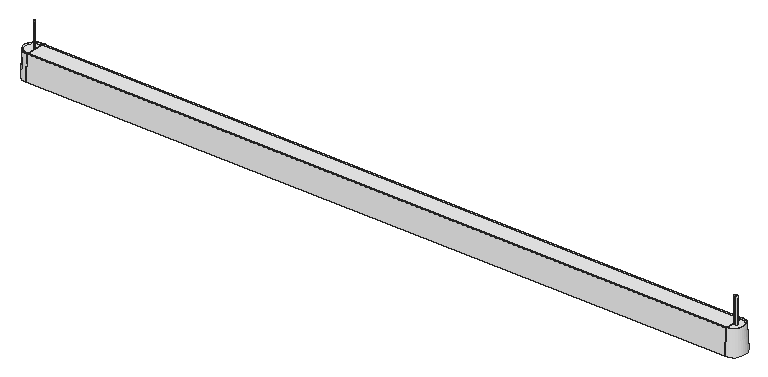
Revit family "Lighting_Pendants_Focus-Lighting_Pelee-Line_2900", category Lighting Fixtures, host Ceiling, Revit 2017 (continued)
Definition of nested family "Pelee"
  Automatic sketch dimensions
    plane 3 "Center (Left/Right)" to curve 13 = 85.402 mm
    curve 28 to plane 5 = 47 mm
    curve 19 to curve 20 = 4 mm
    curve 20 to curve 24 = 5.028 mm
    curve 21 to curve 22 = 8 mm
    curve 26 to plane 5 = 5.218 mm
    Extrusion 1 sketch curve to level = 0 mm  (x2)
    Extrusion 1 sketch curve to plane 8 = 0 mm  (x2)
    level to Extrusion 1 sketch curve = 26.904 mm
    Extrusion 1 sketch curve to plane 7 = 422.598 mm
    Extrusion 1 sketch curve to Extrusion 1 sketch curve = 6.819 mm  (x2)
    plane 7 to Extrusion 1 sketch curve = 0.704 mm
    Extrusion 1 sketch curve to Extrusion 1 sketch curve = 1.301 mm  (x2)
    plane 7 to Extrusion 1 sketch curve = 2.6 mm
    plane 7 to Extrusion 1 sketch curve = 3.502 mm
    Extrusion 1 sketch curve to Extrusion 1 sketch curve = 1.535 mm  (x10)
    Extrusion 1 sketch curve to Extrusion 1 sketch curve = 0.603 mm  (x8)
    plane 1 "Center (Front/Back)" to Extrusion 1 sketch curve = 40.782 mm
    Extrusion 1 sketch curve to Extrusion 1 sketch curve = 1.782 mm  (x2)
    plane 7 to Extrusion 1 sketch curve = 7.957 mm
    Extrusion 1 sketch curve to Extrusion 1 sketch curve = 5.045 mm
    Extrusion 1 sketch curve to plane 8 = 2.066 mm
    Extrusion 1 sketch curve to Extrusion 1 sketch curve = 2.066 mm  (x2)
    Extrusion 1 sketch curve to Extrusion 1 sketch curve = 0.576 mm  (x2)
    Extrusion 1 sketch curve to plane 6 = 13.262 mm
    Extrusion 1 sketch curve to plane 6 = 9.066 mm
    Extrusion 1 sketch curve to Extrusion 1 sketch curve = 4.715 mm
    Extrusion 1 sketch curve to plane 6 = 7.957 mm
    Extrusion 1 sketch curve to plane 6 = 3.502 mm
    level to Extrusion 1 sketch curve = 19.879 mm
    plane 6 to Extrusion 1 sketch curve = 415.779 mm
    level to Extrusion 1 sketch curve = 2.801 mm  (x2)
    Extrusion 1 sketch curve to Extrusion 1 sketch curve = 0.165 mm  (x10)
    Extrusion 1 sketch curve to Extrusion 1 sketch curve = 2.835 mm  (x8)
    Extrusion 1 sketch curve to Extrusion 1 sketch curve = 2.71 mm
    Extrusion 1 sketch curve to Extrusion 1 sketch curve = 2.875 mm
    Extrusion 1 sketch curve to Extrusion 1 sketch curve = 1.666 mm  (x2)
    Extrusion 1 sketch curve to Extrusion 1 sketch curve = 7.025 mm
    Extrusion 1 sketch curve to Extrusion 1 sketch curve = 2.128 mm
    Extrusion 1 to Revolve 2 sketch curve = 0 mm  (x14)
    Revolve 2 sketch curve to Extrusion 1 = 0 mm  (x16)
    Revolve 2 sketch curve to Revolve 2 sketch curve = 38.043 mm
    Extrusion 1 to Revolve 2 sketch curve = 3.332 mm
    Revolve 2 sketch curve to Revolve 2 sketch curve = 32.738 mm
    Revolve 3 sketch curve to Extrusion 1 = 0 mm  (x28)
    Extrusion 1 to Revolve 3 sketch curve = 0 mm
    Revolve 3 sketch curve to Revolve 3 sketch curve = 38.043 mm
    Revolve 3 sketch curve to Revolve 3 sketch curve = 0 mm
    Revolve 3 sketch curve to Extrusion 1 = 21.835 mm
    Revolve 3 sketch curve to Revolve 3 sketch curve = 10 mm
    plane 1 "Center (Front/Back)" to Extrusion 4 sketch curve = 0 mm
    plane 4 to Extrusion 4 sketch curve = 49.978 mm
    Extrusion 4 sketch curve to plane 5 = 50.272 mm
    plane 7 to Extrusion 4 sketch curve = 10.262 mm
    plane 1 "Center (Front/Back)" to Extrusion 5 sketch curve = 0 mm  (x2)
    plane 1 "Center (Front/Back)" to Extrusion 6 sketch curve = 0 mm
    Extrusion 6 sketch curve to plane 5 = 33.972 mm
    plane 1 "Center (Front/Back)" to curve 29 = 0 mm
    curve 30 to plane 6 = 0.004 mm
    plane 4 to curve 30 = 46 mm
    curve 31 to plane 5 = 46 mm
    curve 29 to curve 33 = 0 mm  (x2)
    curve 29 to curve 34 = 13.258 mm
    curve 35 to curve 31 = 0 mm
    radius of Revolve 2 sketch curve to Extrusion 1 = 0 mm  (x3)
    radius of Revolve 3 sketch curve to Extrusion 1 = 0 mm  (x3)
    radius of Extrusion 5 sketch curve = 2 mm  (x2)
    radius of Extrusion 6 sketch curve = 4 mm
Types (4, lengths in mm): name | Wattage | ModelReference | Model | Lumens | built-in parameter 1150105 | built-in parameter 1150106 | ArticleNumber
  Pelee line 2900mm 10000lm, 100% downwards | 67.321 W | "5823-" | "Pelee line 2900mm 10000lm, 100% downwards" | 10000 lm | 2467.8 (stored number, unit not read) | 24.678 (stored number, unit not read) | "5823-"
  Pelee line 2900mm 15000lm, 35/65 up/down | 100.982 W | "5825-" | "Pelee line 2900mm 15000lm, 35/65 up/down" | 15000 lm | 3613.9 (stored number, unit not read) | 36.139 (stored number, unit not read) | "5825-"
  Pelee line 2900mm 15000lm, 50/50 up/down | 100.982 W | "5827-" | "Pelee line 2900mm 15000lm, 50/50 up/down" | 15000 lm | 3613.9 (stored number, unit not read) | 36.139 (stored number, unit not read) | "5827-"
  Pelee line 2900mm 15000lm, 65/35 up/down | 100.982 W | "5829-" | "Pelee line 2900mm 15000lm, 65/35 up/down" | 15000 lm | 3613.9 (stored number, unit not read) | 36.139 (stored number, unit not read) | "5829-"
